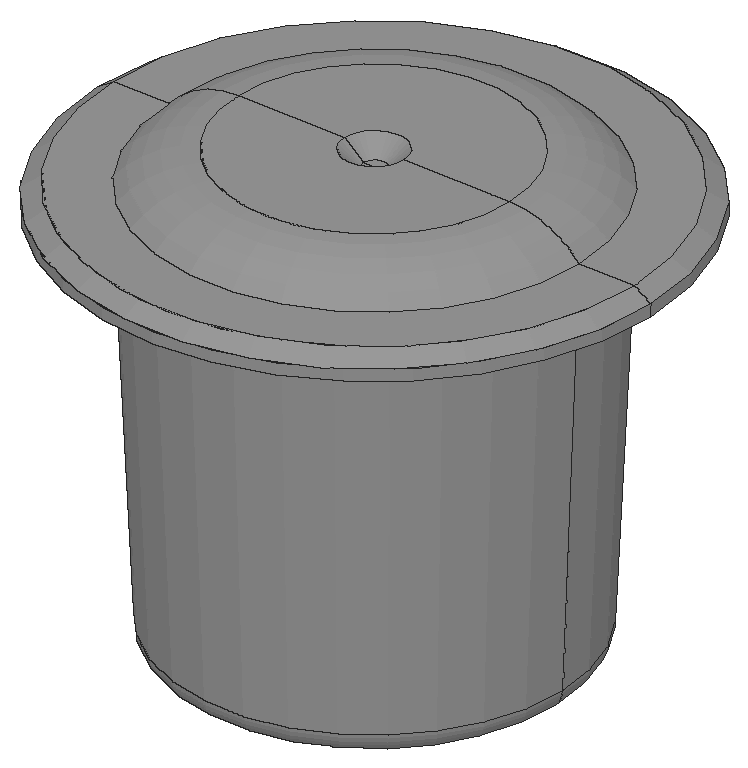
Revit family "0041721", category Lighting Fixtures, host Face, Revit 2017
Family settings
  Host = Face
  Round Connector Dimension = Use Diameter
  Part Type = Normal
  OmniClass Number = 23.80.70.00
  OmniClass Title = Lighting
  Cut with Voids When Loaded = No
  Light Source = Yes
  Shared = No
  Room Calculation Point = No
Parameters (values of type "0041721 SYLSAFE SPOT RA R EM3 NM DA - Open Area Lens")
  Weight = "8.0 kg"
  Wattage Comments = ""
  Wattage = 3 W
  WarrantyStartDate [instance] = "n/a"
  WarrantyGuarantorParts = "n/a"
  WarrantyDurationUnit = "n/a"
  WarrantyDurationParts = "n/a"
  WarrantyDescription = "n/a"
  built-in parameter 1150110 = 1 (stored number, unit not read)
  Voltage = 230 V
  URL = "http://www.sylvania-lighting.com"
  TypeName = "SylSafe Spot RA R EM3 NM DA - Open Area Lens"
  Type Image = <None>
  Type Comments = "n/a"
  built-in parameter 1114217 = 1 (stored number, unit not read)
  Tilt Angle = -90.00°
  built-in parameter 1150109 = 1 (stored number, unit not read)
  built-in parameter 1150134 = (empty or 0)
  built-in parameter 1150113 = 1 (stored number, unit not read)
  SerialNumber [instance] = "n/a"
  Photometric Web File = "0041721OA.ies"
  OpenAreaLens_SYL = yes
  Material_3_SYL = LED
  PowerFactor = 0.45
  PowerConsumption = "3 W"
  NominalLength = 50 mm
  NominalHeight = 45 mm
  NominalDepth = 50 mm
  Name = "SylSafe Spot RA R EM3 NM DA - Open Area Lens"
  ModelReference = Name  # "SylSafe Spot RA R EM3 NM DA - Open Area Lens"
  ModelNumber = "0041721"
  Model = Name  # "SylSafe Spot RA R EM3 NM DA - Open Area Lens"
  Material = "n/a"
  ManufacturerName = "Feilo Sylvania"
  Manufacturer = "Feilo Sylvania"
  LuminousEfficacy = "53 lm/W"
  built-in parameter 1150105 = 74.134 (stored number, unit not read)
  Lumens = 159 lm
  LuminaireType = ""
  built-in parameter 1150115 = 1 (stored number, unit not read)
  LightOutputRatio = "n/a"
  built-in parameter 1150137 = (empty or 0)
  built-in parameter 1150139 = (empty or 0)
  LampsType = Lamp  # "LED"
  LampNominalLuminous = "160 lm"
  LampMacAdamStep = "n/a"
  LampColourTemperature = "6300 K"
  LampColourRenderingIndex = "75"
  built-in parameter 1150112 = 1 (stored number, unit not read)
  built-in parameter 1150114 = 1 (stored number, unit not read)
  Lamp = "LED"
  Keynote = "16500"
  InstallationDate [instance] = "n/a"
  InputVoltage = "230-240 V AC"
  InputNominalFrequency = "50/60 Hz"
  built-in parameter 1150132 = (empty or 0)
  built-in parameter 1150102 = (empty or 0)
  built-in parameter 1150107 = 6300 (stored number, unit not read)
  built-in parameter 1150138 = (empty or 0)
  IngressProtection = "IP30"
  ImpactProtectionIndex = "IK03"
  built-in parameter 1150106 = 0.74134 (stored number, unit not read)
  IfcExportType = "IfcLightFixtureType"
  IfcExportAs = "IfcLightFixtureType"
  HighRiskAreaLens_SYL = no
  EscapeRouteLens_SYL = no
  Emit from Circle Diameter = 28 mm
  Emit Shape Visible in Rendering = no
  ElectricShockClassification = "Class II"
  built-in parameter 1150104 = 4.9239 (stored number, unit not read)
  DocumentationLiterature = "http://www.sylvania-lighting.com/product/en-int/products/0041721"
  DimmingControlOptions = "n/a"
  Material_2_SYL = Aluminum
  Dimming Lamp Color Temperature Shift = <None>
  Description = "SylSafe Spot RA R EM3 NM DA is a miniature emergency recessed downlight with interchangeable optics for open area and escape route illumination. Non-maintained 3 hr emergency duration with NiMH rechargeable battery. Recharge period 24 hours. Self testing with DALI monitoring capability. Quick and easy installation with driver module and battery pack contained in articulated case that can pass through 40mm cutout. 160lm, 3W, IK03, IP30. Power Factor 0.45. Class II electrical construction."
  Default Elevation = 1219.2 mm
  CreatedOn = "2/20/2020"
  CreatedBy = "@sylvania-lighting.com"
  Cost = 0
  Color Filter = 16777215
  built-in parameter 1114216 [instance] = (empty or 0)
  ClassificationValue = "EF_70_80"
  ClassificationName = "Uniclass2015"
  Material_1_SYL = PC/ABS Plastic
  BarCode [instance] = "n/a"
  built-in parameter 1114218 = 1 (stored number, unit not read)
  built-in parameter 1150133 = 10 (stored number, unit not read)
  AssetType = "Fixed"
  AssetIdentifier [instance] = "n/a"
  Assembly Code = "D5020200"
  Apparent Load = 3 VA
  Material_4_SYL = Plastic, Transparent
Types (2, lengths in mm): name | TypeName | Photometric Web File | OpenAreaLens_SYL | Name | ModelReference | Model | built-in parameter 1150105 | built-in parameter 1150106 | EscapeRouteLens_SYL
  0041721 SYLSAFE SPOT RA R EM3 NM DA - Open Area Lens | "SylSafe Spot RA R EM3 NM DA - Open Area Lens" | "0041721OA.ies" | yes | "SylSafe Spot RA R EM3 NM DA - Open Area Lens" | "SylSafe Spot RA R EM3 NM DA - Open Area Lens" | "SylSafe Spot RA R EM3 NM DA - Open Area Lens" | 74.134 (stored number, unit not read) | 0.74134 (stored number, unit not read) | no
  0041721 SYLSAFE SPOT RA R EM3 NM DA - Escape Route Lens | "SylSafe Spot RA R EM3 NM DA - Escape Route Lens" | "0041721ER.ies" | no | "SylSafe Spot RA R EM3 NM DA - Escape Route Lens" | "SylSafe Spot RA R EM3 NM DA - Escape Route Lens" | "SylSafe Spot RA R EM3 NM DA - Escape Route Lens" | 145.75 (stored number, unit not read) | 1.4575 (stored number, unit not read) | yes
Reference planes
  plane 1 "Center (Front/Back)": y = 0
  plane 2: z = 0
  plane 3 "Center (Left/Right)": x = 0
  plane 4: x = -25
  plane 5: z = 2
  plane 6: x = -23.5
  plane 7: z = 1
  plane 8: x = -18.5
  plane 9: x = -17
  plane 10: x = -5.625
  plane 11: z = -35
  plane 12: z = -37.5
  plane 13: z = -40.7
  plane 14: z = -42.7
  plane 15: x = -3.425
  plane 16: x = -2.625
  plane 17: x = -4.381
  plane 18: z = -10
  plane 19: x = -13.75
  plane 20: x = -21
  plane 21: z = 7.799
  plane 22: z = 4.799
  plane 23: x = -12.281
  plane 24: x = -1
Forms (mm)
  Revolve 1, solid, material "PC/ABS Plastic" <- "Material_1_SYL"
    sketch origin (0, 0, 0) x (1, 0, 0) y (0, 0, 1)
      loop
        line (0, -10) -> (-4.381, -10)
        arc (-4.381, -10) -> (-9.211, -6.282) -> (-13.125, -1.611) r 28.096
        line (-13.125, -1.611) -> (-13.125, 2) -> (-23.5, 2) -> (-25, 1) -> (-25, 0) -> (-18.5, 0) -> (-17, -33.088)
        arc (-17, -33.088) -> (-16.383, -34.445) -> (-15, -35) r 2.002
        line (-15, -35) -> (0, -35) -> (0, -10)
      axis (0, 2) -> (0, -35)
    angle from 360 to 0
  Revolve 2, void
    sketch origin (0, 0, 0) x (1, 0, 0) y (0, 0, 1)
      loop
        line (0, -70.876) -> (0, 0) -> (-21, 0) -> (-21, -70.876) -> (0, -70.876)
      axis (0, 0) -> (0, -70.876)
    angle from 360 to 0
  Revolve 3, solid, material "Plastic, Transparent" <- "Material_4_SYL", visible <- "EscapeRouteLens_SYL"
    sketch origin (0, 0, 0) x (1, 0, 0) y (0, 0, 1)
      loop
        line (0, 7.799) -> (-13.125, 7.799) -> (-13.125, 2) -> (0, 2) -> (0, 7.799)
      axis (0, 7.799) -> (0, 2)
    angle from 360 to 0
  Extrusion 4, void
    sketch origin (0, 0, 0) x (0, 0, -1) y (0.707107, 0.707107, 0)
      loop
        line (-2, 0) -> (-7.035, 2.907) -> (-2, 5.814) -> (-4.913, 8.179) -> (-2, 10.544) -> (-3.246, 11.79) -> (-2, 13.035) -> (-2, 13.951) -> (-7.799, 13.951) -> (-7.799, 0) -> (-7.799, -13.951) -> (-2.356, -13.951) -> (-2.356, -12.679) -> (-3.246, -11.79) -> (-2, -10.544) -> (-4.913, -8.179) -> (-2, -5.814) -> (-7.035, -2.907) -> (-2, 0)
    from -17.55 to 19.074
  Revolve 5, solid, material "Plastic, Transparent" <- "Material_4_SYL", visible <- "OpenAreaLens_SYL"
    sketch origin (0, 0, 0) x (1, 0, 0) y (0, 0, 1)
      loop
        arc (-12.281, 4.799) -> (-15.691, 4.067) -> (-18.5, 2) r 8.308
        line (-18.5, 2) -> (0, 2) -> (0, 3.356) -> (-1, 3.356) -> (-2.625, 4.799) -> (-12.281, 4.799)
      axis (0, 4.799) -> (0, 2)
    angle from 360 to 0
  Extrusion 6, solid, material "Plastic, Transparent" <- "Material_4_SYL", visible <- "HighRiskAreaLens_SYL"
    sketch origin (200, -4572, 2) x (0, -1, 0) y (-1, 0, 0)
      loop
        line (-4590.5, 200) -> (-4572, 181.5) -> (-4553.5, 200) -> (-4572, 218.5) -> (-4590.5, 200)
    from 0 to -2.799
  Extrusion 7, void
    sketch origin (0, -18.5, 2) x (-0.707107, -0.707107, 0) y (0, 0, 1)
      loop
        line (0, 1.399) -> (0, 3.23) -> (-26.163, 3.23) -> (-26.163, 1.399)
        arc (-26.163, 1.399) -> (-13.081, 2.799) -> (0, 1.399) r 61.84
    from 0 to 26.163
  Revolve 8, void
    sketch origin (0, 0, 0) x (1, 0, 0) y (0, 0, 1)
      loop
        line (0, 2.7) -> (0, 3.399) -> (-18.5, 3.399) -> (-18.5, 2) -> (-17, 2)
        arc (-17, 2) -> (-8.507, 2.525) -> (0, 2.7) r 206.861
      axis (0, 3.399) -> (0, 2)
    angle from 360 to 0
Cuts and joins
  Extrusion 4 cuts Revolve 3
  Extrusion 7 cuts Extrusion 6
Lines and regions (mm)
  reference lines
    curve 1: line (0, 0, 0) -> (28.284, -28.284, 0)
    curve 2: line (-18.5, 0, 0) -> (0, -18.5, 0)
    curve 3: line (0, -18.5, 0) -> (18.5, 0, 0)
    curve 4: line (18.5, 0, 0) -> (0, 18.5, 0)
    curve 5: line (0, 18.5, 0) -> (-18.5, 0, 0)
Dimensions and locks
  locked: plane 3 "Center (Left/Right)" to plane 10 at 5.625
  plane 3 "Center (Left/Right)" to plane 9 to plane 8 to plane 6 to plane 4 = 17 mm locked, 1.5 mm locked, 5 mm locked, 1.5 mm locked
  plane 5 to plane 7 to level = 1 mm locked, 1 mm locked
  locked: level to plane 11 at 35
  plane 11 to plane 12 to plane 13 to plane 14 = 2.5 mm locked, 3.2 mm locked, 2 mm locked
  plane 16 to plane 15 to plane 17 to plane 10 = 0.8 mm locked, 0.956 mm locked, 1.244 mm locked
  locked: level to plane 18 at 10
  locked: plane 3 "Center (Left/Right)" to plane 19 at 13.75
  locked: plane 3 "Center (Left/Right)" to plane 20 at 21
  locked: plane 21 to plane 5 at 5.799
  locked: plane 21 to plane 22 at 3
  locked: plane 3 "Center (Left/Right)" to plane 23 at 12.281
  locked: plane 3 "Center (Left/Right)" to plane 24 at 1
  locked: curve 1 to plane 1 "Center (Front/Back)" (angle 45.00°)
  aligned and locked: plane 2 to host face
  aligned and locked: level to host face
  aligned and locked: Revolve 1 sketch curve to plane 3 "Center (Left/Right)"
  aligned and locked: plane 3 "Center (Left/Right)" to Revolve 1 sketch curve  (x2)
  aligned and locked: Revolve 1 sketch curve to plane 18
  aligned and locked: plane 5 to Revolve 1 sketch curve
  aligned and locked: plane 7 to Revolve 1 sketch curve
  aligned and locked: level to Revolve 1 sketch curve
  aligned and locked: Revolve 1 sketch curve to plane 4
  aligned and locked: plane 9 to Revolve 1 sketch curve
  aligned and locked: plane 11 to Revolve 1 sketch curve
  aligned and locked: Revolve 2 sketch curve to plane 3 "Center (Left/Right)"  (x2)
  aligned and locked: Revolve 2 sketch curve to level
  aligned and locked: plane 20 to Revolve 2 sketch curve
  aligned and locked: Revolve 3 sketch curve to plane 3 "Center (Left/Right)"
  aligned and locked: Revolve 3 sketch curve to plane 21
  aligned and locked: Revolve 1 to Revolve 3 sketch curve
  aligned and locked: Revolve 3 sketch curve to Revolve 1
  aligned and locked: plane 3 "Center (Left/Right)" to Revolve 3 sketch curve
  aligned and locked: plane 1 "Center (Front/Back)" to curve 1
  aligned and locked: Revolve 5 sketch curve to plane 3 "Center (Left/Right)"
  aligned and locked: plane 23 to Revolve 5 sketch curve
  aligned and locked: plane 22 to Revolve 5 sketch curve
  aligned and locked: plane 5 to Revolve 5 sketch curve
  aligned and locked: plane 24 to Revolve 5 sketch curve
  aligned and locked: plane 3 "Center (Left/Right)" to imposter light
  aligned and locked: imposter light to plane 1 "Center (Front/Back)"
  aligned and locked: imposter light to plane 22
  aligned and locked: Extrusion 6 sketch curve to curve 5
  aligned and locked: Extrusion 6 sketch curve to curve 2
  aligned and locked: Extrusion 6 sketch curve to curve 3
  aligned and locked: Extrusion 6 sketch curve to curve 4
  aligned and locked: Extrusion 6 to plane 22
  aligned and locked: plane 5 to Extrusion 6
  aligned and locked: Extrusion 7 sketch curve to Extrusion 6
  aligned and locked: Extrusion 6 to Extrusion 7 sketch curve
  aligned and locked: Extrusion 7 to curve 2  (x2)
  aligned and locked: Revolve 8 sketch curve to plane 3 "Center (Left/Right)"
  aligned and locked: Revolve 8 sketch curve to plane 5
  aligned and locked: Revolve 8 sketch curve to cut or joined group of Extrusion 6, Extrusion 7  (x2)
Automatic sketch dimensions
  Revolve 1 sketch curve to plane 6 = 0 mm
  Revolve 1 sketch curve to plane 8 = 0 mm
  Revolve 1 sketch curve to plane 17 = 0 mm
  plane 3 "Center (Left/Right)" to Revolve 1 sketch curve = 10.241 mm
  Revolve 1 sketch curve to plane 11 = 1.912 mm
  Revolve 1 sketch curve to level = 1.611 mm
  plane 14 to Revolve 1 sketch curve = 566.9 mm
  Revolve 1 sketch curve to Revolve 1 sketch curve = 2595.067 mm
  plane 14 to Revolve 2 sketch curve = 28.176 mm
  Revolve 2 sketch curve to Revolve 2 sketch curve = 538.724 mm
  Revolve 2 sketch curve to plane 5 = 2607.058 mm
  plane 14 to Revolve 3 sketch curve = 566.9 mm
  Revolve 3 sketch curve to Revolve 3 sketch curve = 2601.259 mm
  plane 21 to Extrusion 4 sketch curve = 0 mm
  plane 5 to Extrusion 4 sketch curve = 0 mm  (x6)
  plane 21 to Extrusion 4 sketch curve = 0.764 mm  (x2)
  plane 21 to Extrusion 4 sketch curve = 2.886 mm  (x2)
  Extrusion 4 sketch curve to plane 5 = 1.246 mm  (x2)
  Extrusion 4 sketch curve to Extrusion 4 sketch curve = 1.272 mm
  Extrusion 4 sketch curve to Extrusion 4 sketch curve = 0.889 mm
  Extrusion 4 sketch curve to Extrusion 4 sketch curve = 2.365 mm  (x4)
  Extrusion 4 sketch curve to Extrusion 4 sketch curve = 5.272 mm
  Extrusion 4 sketch curve to Extrusion 4 sketch curve = 5.814 mm  (x2)
  Extrusion 4 sketch curve to Extrusion 4 sketch curve = 2.907 mm  (x2)
  Extrusion 4 sketch curve to Extrusion 4 sketch curve = 1.246 mm
  Extrusion 4 sketch curve to Extrusion 4 sketch curve = 2.161 mm
  Extrusion 4 sketch curve to plane 5 = 0.356 mm
  Revolve 5 sketch curve to plane 8 = 0 mm
  Revolve 5 sketch curve to plane 16 = 0 mm
  Revolve 5 sketch curve to plane 5 = 1.356 mm
  plane 14 to Revolve 5 sketch curve = 566.9 mm
  Revolve 5 sketch curve to plane 21 = 2601.259 mm
  plane 1 "Center (Front/Back)" to curve 2 = 0 mm
  curve 2 to plane 8 = 0 mm
  curve 5 to plane 3 "Center (Left/Right)" = 0 mm
  curve 2 to plane 3 "Center (Left/Right)" = 0 mm
  curve 1 to plane 3 "Center (Left/Right)" = 0 mm
  plane 1 "Center (Front/Back)" to curve 3 = 0 mm
  Extrusion 7 sketch curve to Extrusion 6 = 13.081 mm
  Extrusion 6 to Extrusion 7 sketch curve = 59.041 mm
  Extrusion 7 sketch curve to Extrusion 6 = 1.399 mm
  Extrusion 6 to Extrusion 7 sketch curve = 0.431 mm
  Revolve 5 sketch curve to plane 3 "Center (Left/Right)" = 0 mm
  Revolve 8 sketch curve to plane 9 = 0 mm
  Revolve 8 sketch curve to plane 3 "Center (Left/Right)" = 0 mm
  plane 14 to Revolve 8 sketch curve = 161.461 mm
  Revolve 8 sketch curve to Revolve 8 sketch curve = 405.439 mm
  Revolve 8 sketch curve to plane 21 = 2601.259 mm
  plane 19 to Revolve 1 sketch curve = 0.625 mm
  host sketch curve to host sketch curve = 80.277 mm  (x2)
Connectors
  electrical at (0, 0, 0), driven by "Apparent Load", driven by "PowerFactor", driven by "Voltage"
    settings: index 1, voltage 230 V, apparent load 3 VA, apparent load phase1 0 VA, apparent load phase2 0 VA, apparent load phase3 0 VA, power factor 0.45, load classification "Lighting", number of poles 1, system type 30, power factor state 1, is connector primary yes, connector utility no, sub classification motor no, connector description ""
